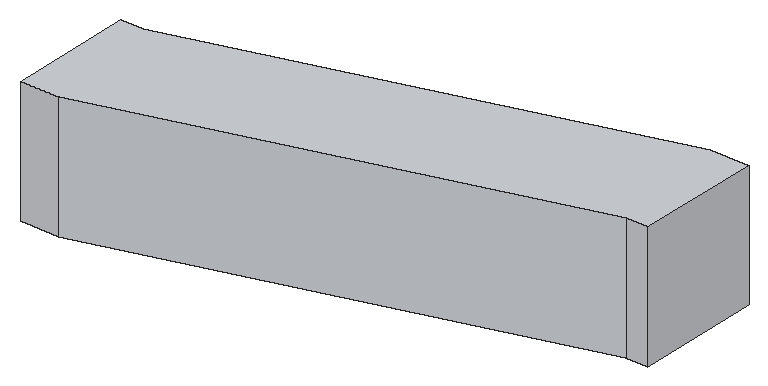
Revit family "fd939b7f26e347439fcff3df162594b7", category Duct Fittings, Revit 2021
Family settings
  Round Connector Dimension = Use Diameter
  Part Type = Offset
  OmniClass Number = 23.75.70.14
  OmniClass Title = Air Ductwork
  Seek Item ID = Rectangular Offset - Mitered-0000-USA-ENU
  Work Plane-Based = No
  Always vertical = Yes
  Cut with Voids When Loaded = No
  Shared = No
Parameters (values of type "Standard")
  Offset 1 [instance] = if(Offset = 0' 0", 0' 0 101/256", Offset)  # 12"
  Length 3 [instance] = (Duct Length 1 - abs(Offset 1) / tan(Angle 1) - 0' 3 15/16") * 0.5  # 0.92077"
  Length 2 [instance] = Offset + 33' 4"  # 412"
  Length 1 [instance] = abs(Offset 1) / tan(Angle 1)  # 44.78461"
  Duct Width [instance] = 12"
  Offset [instance] = 12"
  Duct Length 1 [instance] = if((Duct Length - Length 1 - 0' 4") * 0.5 - (Duct Width / 2 * tan(Angle 1 / 2)) > 0' 0", Duct Length, ((Duct Width * tan(Angle 1 / 2) + 0' 0 51/256") + Length 1 + 0' 4"))  # 50.56366"
  Duct Length [instance] = 20"
  Duct Height [instance] = 12"
  Default Elevation = 0' - 0"
  Angle 1 [instance] = if(Angle < 15.00°, 15.00°, if(Angle < 30.00°, Angle, 30.00°))  # 15.00°
  Angle [instance] = 15.00°
Reference planes (in)
  plane 1 "Center (Front/Back)": y = 0
  plane 2: z = 0
  plane 3 "Center (Left/Right)": x = 0
  plane 4: x = 2
  plane 5: x = 2.92077
  plane 6: y = 6
  plane 7: y = -6
  plane 8: y = -400
  plane 9: y = 12
  plane 10: x = 47.64288
  plane 11: x = 48.56366
  plane 12: x = 50.56366
  plane 13: y = 18
  plane 14: y = 6
Forms (in)
  Sweep 1, solid, detail levels medium+fine
    path in 3D
      loop
        line (2, 0, 0) -> (2.92077, 0, 0) -> (47.64288, 12, 0) -> (48.56366, 12, 0)
    profile "Duct - Rectangular : Duct - Rectangular" origin (2.46039, 0, 0) x (0, 1, 0) y (0, 0, 1)
      loop
        line (-6, 6) -> (-6, -6) -> (6, -6) -> (6, 6) -> (-6, 6)
  Sweep 2, solid, detail levels medium+fine
    path in 3D
      loop
        line (0, 0, 0) -> (2, 0, 0)
    profile "Duct - Rectangular : Duct - Rectangular" origin (1, 0, 0) x (0, 1, 0) y (0, 0, 1)
      loop
        line (-6, 6) -> (-6, -6) -> (6, -6) -> (6, 6) -> (-6, 6)
  Sweep 3, solid, detail levels medium+fine
    path in 3D
      loop
        line (48.56366, 12, 0) -> (50.56366, 12, 0)
    profile "Duct - Rectangular : Duct - Rectangular" origin (49.56366, 12, 0) x (0, 1, 0) y (0, 0, 1)
      loop
        line (-6, 6) -> (-6, -6) -> (6, -6) -> (6, 6) -> (-6, 6)
Cuts and joins
  joined: Sweep 1, Sweep 2, Sweep 3
Lines and regions (in)
  model lines, detail levels coarse
    curve 1: line (2, 0, 0) -> (2.92077, 0, 0)
    curve 2: line (2.92077, 0, 0) -> (47.64288, 12, 0)
    curve 3: line (47.64288, 12, 0) -> (48.56366, 12, 0)
    curve 7: line (0, 0, 0) -> (2, 0, 0)
    curve 8: line (48.56366, 12, 0) -> (50.56366, 12, 0)
  sketch lines
    curve 4: line (2, 0, 0) -> (2.92077, 0, 0)
    curve 5: line (2.92077, 0, 0) -> (47.64288, 12, 0)
    curve 6: line (47.64288, 12, 0) -> (48.56366, 12, 0)
    curve 9: line (0, 0, 0) -> (2, 0, 0)
    curve 10: line (48.56366, 12, 0) -> (50.56366, 12, 0)
Dimensions and locks (in)
  locked: plane 8 to plane 1 "Center (Front/Back)" at 400
  "Length 2": plane 9 to plane 8
  equal spacing: plane 6, plane 1 "Center (Front/Back)", plane 7
  "Duct Width": plane 6 to plane 7
  locked: plane 3 "Center (Left/Right)" to plane 4 at 2
  "Length 3": plane 4 to plane 5
  "Length 3": plane 10 to plane 11
  locked: plane 11 to plane 12 at 2
  equal spacing: plane 13, plane 9, plane 14
  "Duct Width": plane 13 to plane 14
  "Duct Length 1": plane 3 "Center (Left/Right)" to plane 12
  aligned and locked: plane 1 "Center (Front/Back)" to curve 1
  aligned and locked: plane 5 to curve 2
  aligned and locked: plane 10 to curve 3
  aligned and locked: plane 9 to curve 3
  aligned and locked: plane 1 "Center (Front/Back)" to curve 2
  aligned and locked: plane 3 "Center (Left/Right)" to curve 7
  aligned and locked: plane 1 "Center (Front/Back)" to curve 7
  aligned and locked: plane 4 to curve 7
  aligned and locked: curve 8 to plane 9
  aligned and locked: plane 11 to curve 8
Automatic sketch dimensions
  curve 8 to plane 12 = 0' - 0"
Connectors (in)
  hvac at (0, 0, 0), driven by "Duct Height", driven by "Duct Width"
    settings: on cut or joined group of Sweep 1, Sweep 2, Sweep 3, index 1, duct flow 0 CFM, flow factor 0, pres drop 0.00 in-wg, loss coef 0, conn angle 0.00°, conn width 12", conn height 12", conn diameter 24", duct sys type 28, conn prof type 1, flow config 0, flow direction 0, loss method 0, conn ref index 2, conn util no, is conn primary yes, conn desc ""
  hvac at (50.56366, 12, 0), driven by "Duct Height", driven by "Duct Width"
    settings: on cut or joined group of Sweep 1, Sweep 2, Sweep 3, index 2, duct flow 0 CFM, flow factor 0, pres drop 0.00 in-wg, loss coef 0, conn angle 0.00°, conn width 12", conn height 12", conn diameter 24", duct sys type 28, conn prof type 1, flow config 0, flow direction 0, loss method 0, conn ref index 1, conn util no, is conn primary no, conn desc ""
